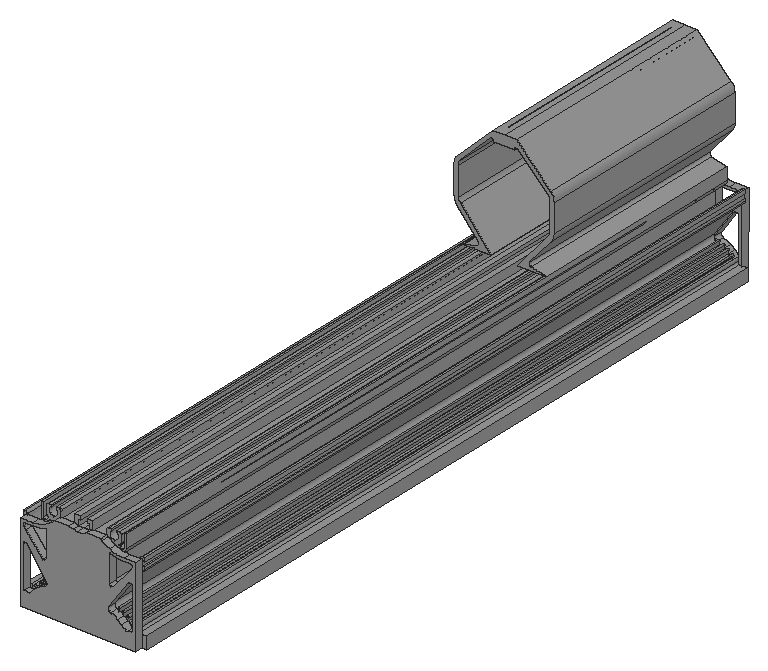
Revit family "L-street 24 Standart", category Осветительные приборы, Revit 2017 (continued)
Types (7, lengths in mm): name | built-in parameter 1150134 | Файл фотометрической сетки | built-in parameter 1150105 | Lumens | built-in parameter 1150106 | built-in parameter 1150142 | Wattage | built-in parameter 1150107 | Артикул
    .00 0.00\r\n1229.747 1251.909 1290.575 1328.381 1364.756 1399.412 1433.208 1466.146 1497.365 1527.438 1559.23 1595.605 1630.26 1660.62 1682.101\r\n 1689.261 1677.518 1660.62 1643.721 1595.891 1491.35 1310.624 993.565 587.719 326.224 239.441 215.669 189.892 150.08 117.429 94.517\r\n 75.04 56.71 41.816 31.506 26.923 25.777 0.00 0.00 0.00 0.00 0.00 0.00 0.00 0.00 0.00 0.00 0.00 0.00 0.00 0.00 0.00 0.00 0.00 0.00 \r\n0.00 0.00 0.00 0.00 0.00 0.00 0.00 0.00 0.00 0.00 0.00 0.00 0.00 0.00 0.00 0.00 0.00 0.00\r\n1229.747 1252.195 1292.293 1331.818 1367.906 1402.848 1436.645 1468.723 1499.656 1530.016 1562.667 1598.755 1631.978 1659.474 \r\n1675.513 1678.95 1662.338 1644.581 1619.376 1549.492 1414.878 1193.196 833.461 458.261 270.373 218.819 198.77 171.275 134.614 \r\n107.691 89.361 75.613 58.428 42.389 30.933 25.777 24.631 0.00 0.00 0.00 0.00 0.00 0.00 0.00 0.00 0.00 0.00 0.00 0.00 0.00 0.00 0.00\r\n 0.00 0.00 0.00 0.00 0.00 0.00 0.00 0.00 0.00 0.00 0.00 0.00 0.00 0.00 0.00 0.00 0.00 0.00 0.00 0.00 0.00\r\n1229.747 1254.487 1295.444 1335.542 1372.203 1406.858 1440.082 1471.301 1501.947 1533.167 1566.677 1602.192 1633.983 1658.329 \r\n1670.644 1670.072 1653.173 1632.265 1589.017 1495.933 1336.688 1084.072 718.609 390.953 249.465 211.086 189.605 159.532 126.595 \r\n103.395 87.356 74.754 58.428 42.676 31.219 25.491 24.631 0.00 0.00 0.00 0.00 0.00 0.00 0.00 0.00 0.00 0.00 0.00 0.00 0.00 0.00 0.00\r\n 0.00 0.00 0.00 0.00 0.00 0.00 0.00 0.00 0.00 0.00 0.00 0.00 0.00 0.00 0.00 0.00 0.00 0.00 0.00 0.00 0.00\r\n1229.747 1256.778 1298.594 1339.265 1376.499 1410.868 1443.519 1473.879 1504.238 1536.317 1570.686 1605.629 1635.988 1657.183 \r\n1665.775 1661.193 1644.008 1619.949 1558.657 1442.373 1258.497 974.949 603.759 323.646 228.557 203.353 180.44 147.789 118.575 \r\n99.099 85.351 73.894 58.428 42.962 31.505 25.204 24.631 0.00 0.00 0.00 0.00 0.00 0.00 0.00 0.00 0.00 0.00 0.00 0.00 0.00 0.00 0.00 \r\n0.00 0.00 0.00 0.00 0.00 0.00 0.00 0.00 0.00 0.00 0.00 0.00 0.00 0.00 0.00 0.00 0.00 0.00 0.00 0.00 0.00\r\n1229.747 1251.05 1293.725 1336.115 1375.353 1410.868 1444.092 1475.025 1505.098 1537.176 1572.691 1607.347 1636.561 1656.324 \r\n1663.484 1657.756 1641.717 1615.653 1546.055 1420.033 1224.70 934.851 579.127 319.064 225.12 198.198 177.003 147.503 121.153 \r\n101.963 88.215 76.472 61.579 47.258 36.088 28.641 27.496 0.00 0.00 0.00 0.00 0.00 0.00 0.00 0.00 0.00 0.00 0.00 0.00 0.00 0.00 0.00\r\n 0.00 0.00 0.00 0.00 0.00 0.00 0.00 0.00 0.00 0.00 0.00 0.00 0.00 0.00 0.00 0.00 0.00 0.00 0.00 0.00 0.00\r\n1229.747 1245.322 1288.856 1332.964 1374.207 1410.868 1444.665 1476.17 1505.957 1538.035 1574.696 1609.065 1637.134 1655.464 \r\n1661.193 1654.319 1639.425 1611.357 1533.453 1397.693 1190.903 894.753 554.495 314.481 221.683 193.042 173.566 147.216 123.73 \r\n104.827 91.079 79.05 64.729 51.554 40.671 32.078 30.36 0.00 0.00 0.00 0.00 0.00 0.00 0.00 0.00 0.00 0.00 0.00 0.00 0.00 0.00 0.00 \r\n0.00 0.00 0.00 0.00 0.00 0.00 0.00 0.00 0.00 0.00 0.00 0.00 0.00 0.00 0.00 0.00 0.00 0.00 0.00 0.00 0.00\r\n1229.747 1246.754 1290.861 1335.542 1376.785 1413.446 1447.529 1479.034 1509.394 1543.477 1580.424 1614.794 1639.425 1652.60 \r\n1655.465 1648.304 1628.542 1567.536 1451.253 1277.40 1031.944 729.493 434.488 275.243 218.246 190.178 166.12 139.77 118.575 102.25 \r\n89.361 76.472 62.724 50.695 40.957 33.51 30.933 0.00 0.00 0.00 0.00 0.00 0.00 0.00 0.00 0.00 0.00 0.00 0.00 0.00 0.00 0.00 0.00 \r\n0.00 0.00 0.00 0.00 0.00 0.00 0.00 0.00 0.00 0.00 0.00 0.00 0.00 0.00 0.00 0.00 0.00 0.00 0.00 0.00\r\n1229.747 1248.186 1292.866 1338.119 1379.363 1416.023 1450.393 1481.898 1512.831 1548.919 1586.152 1620.522 1641.716 1649.736 \r\n1649.736 1642.289 1617.658 1523.715 1369.052 1157.107 872.985 564.233 314.481 236.004 214.809 187.314 158.673 132.323 113.419 \r\n99.672 87.642 73.894 60.719 49.836 41.243 34.942 31.505 0.00 0.00 0.00 0.00 0.00 0.00 0.00 0.00 0.00 0.00 0.00 0.00 0.00 0.00 0.00 \r\n0.00 0.00 0.00 0.00 0.00 0.00 0.00 0.00 0.00 0.00 0.00 0.00 0.00 0.00 0.00 0.00 0.00 0.00 0.00 0.00 0.00\r\n1229.747 1246.754 1292.58 1338.119 1380.222 1417.169 1451.539 1482.471 1513.69 1548.346 1584.148 1616.226 1636.275 1643.722 \r\n1645.154 1640.571 1621.382 1545.482 1408.577 1206.943 925.972 611.205 346.273 241.16 211.945 186.741 159.246 132.609 112.847 98.526\r\n 84.778 70.744 56.996 45.826 37.52 30.933 28.355 0.00 0.00 0.00 0.00 0.00 0.00 0.00 0.00 0.00 0.00 0.00 0.00 0.00 0.00 0.00 0.00 \r\n0.00 0.00 0.00 0.00 0.00 0.00 0.00 0.00 0.00 0.00 0.00 0.00 0.00 0.00 0.00 0.00 0.00 0.00 0.00 0.00\r\n1229.747 1245.322 1292.293 1338.119 1381.081 1418.315 1452.684 1483.044 1514.549 1547.773 1582.143 1611.93 1630.833 1637.707 \r\n1640.571 1638.852 1625.105 1567.249 1448.102 1256.778 978.958 658.176 378.065 246.315 209.081 186.168 159.818 132.895 112.274 97.38\r\n 81.914 67.593 53.273 41.816 33.797 26.923 25.204 0.00 0.00 0.00 0.00 0.00 0.00 0.00 0.00 0.00 0.00 0.00 0.00 0.00 0.00 0.00 0.00 \r\n0.00 0.00 0.00 0.00 0.00 0.00 0.00 0.00 0.00 0.00 0.00 0.00 0.00 0.00 0.00 0.00 0.00 0.00 0.00 0.00\r\n1229.747 1246.754 1294.298 1340.697 1383.945 1421.466 1455.835 1487.054 1518.559 1552.07 1585.866 1612.789 1628.828 1634.557 \r\n1638.28 1640.571 1627.683 1567.249 1444.379 1247.04 962.633 644.715 372.623 247.747 211.945 189.605 162.969 136.619 116.57 100.817 \r\n85.351 70.744 56.424 44.394 36.088 29.501 27.496 0.00 0.00 0.00 0.00 0.00 0.00 0.00 0.00 0.00 0.00 0.00 0.00 0.00 0.00 0.00 0.00 \r\n0.00 0.00 0.00 0.00 0.00 0.00 0.00 0.00 0.00 0.00 0.00 0.00 0.00 0.00 0.00 0.00 0.00 0.00 0.00 0.00\r\n1229.747 1248.186 1296.303 1343.275 1386.809 1424.616 1458.985 1491.064 1522.569 1556.366 1589.589 1613.648 1626.823 1631.406 \r\n1635.988 1642.289 1630.26 1567.249 1440.655 1237.302 946.307 631.253 367.181 249.179 214.809 193.042 166.119 140.342 120.866 \r\n104.254 88.788 73.894 59.574 46.972 38.379 32.078 29.787 0.00 0.00 0.00 0.00 0.00 0.00 0.00 0.00 0.00 0.00 0.00 0.00 0.00 0.00 0.00\r\n 0.00 0.00 0.00 0.00 0.00 0.00 0.00 0.00 0.00 0.00 0.00 0.00 0.00 0.00 0.00 0.00 0.00 0.00 0.00 0.00 0.00\r\n1229.747 1255.06 1304.036 1350.722 1393.683 1430.344 1463.854 1495.647 1526.579 1560.089 1593.026 1616.512 1628.828 1633.411 \r\n1638.566 1646.013 1631.406 1563.526 1428.339 1214.103 913.37 597.457 345.987 244.31 215.096 191.037 162.11 136.333 118.002 102.822 \r\n86.783 71.603 56.996 44.394 35.802 30.646 28.355 0.00 0.00 0.00 0.00 0.00 0.00 0.00 0.00 0.00 0.00 0.00 0.00 0.00 0.00 0.00 0.00 \r\n0.00 0.00 0.00 0.00 0.00 0.00 0.00 0.00 0.00 0.00 0.00 0.00 0.00 0.00 0.00 0.00 0.00 0.00 0.00 0.00\r\n1229.747 1261.934 1311.769 1358.168 1400.557 1436.072 1468.723 1500.229 1530.588 1563.812 1596.463 1619.376 1630.833 1635.415 \r\n1641.144 1649.736 1632.551 1559.803 1416.023 1190.903 880.432 563.66 324.792 239.441 215.382 189.032 158.10 132.323 115.138 101.39 \r\n84.778 69.312 54.418 41.816 33.224 29.214 26.923 0.00 0.00 0.00 0.00 0.00 0.00 0.00 0.00 0.00 0.00 0.00 0.00 0.00 0.00 0.00 0.00 \r\n0.00 0.00 0.00 0.00 0.00 0.00 0.00 0.00 0.00 0.00 0.00 0.00 0.00 0.00 0.00 0.00 0.00 0.00 0.00 0.00\r\n1229.747 1255.06 1304.036 1350.722 1393.683 1430.344 1463.854 1495.647 1526.579 1560.089 1593.026 1616.512 1628.828 1633.411 \r\n1638.566 1646.013 1631.406 1563.526 1428.339 1214.103 913.37 597.457 345.987 244.31 215.096 191.037 162.11 136.333 118.002 102.822 \r\n86.783 71.603 56.996 44.394 35.802 30.646 28.355 0.00 0.00 0.00 0.00 0.00 0.00 0.00 0.00 0.00 0.00 0.00 0.00 0.00 0.00 0.00 0.00 \r\n0.00 0.00 0.00 0.00 0.00 0.00 0.00 0.00 0.00 0.00 0.00 0.00 0.00 0.00 0.00 0.00 0.00 0.00 0.00 0.00\r\n1229.747 1248.186 1296.303 1343.275 1386.809 1424.616 1458.985 1491.064 1522.569 1556.366 1589.589 1613.648 1626.823 1631.406 \r\n1635.988 1642.289 1630.26 1567.249 1440.655 1237.302 946.307 631.253 367.181 249.179 214.809 193.042 166.119 140.342 120.866 \r\n104.254 88.788 73.894 59.574 46.972 38.379 32.078 29.787 0.00 0.00 0.00 0.00 0.00 0.00 0.00 0.00 0.00 0.00 0.00 0.00 0.00 0.00 0.00\r\n 0.00 0.00 0.00 0.00 0.00 0.00 0.00 0.00 0.00 0.00 0.00 0.00 0.00 0.00 0.00 0.00 0.00 0.00 0.00 0.00 0.00\r\n1229.747 1246.754 1294.298 1340.697 1383.945 1421.466 1455.835 1487.054 1518.559 1552.07 1585.866 1612.789 1628.828 1634.557 \r\n1638.28 1640.571 1627.683 1567.249 1444.379 1247.04 962.633 644.715 372.623 247.747 211.945 189.605 162.969 136.619 116.57 100.817 \r\n85.351 70.744 56.424 44.394 36.088 29.501 27.496 0.00 0.00 0.00 0.00 0.00 0.00 0.00 0.00 0.00 0.00 0.00 0.00 0.00 0.00 0.00 0.00 \r\n0.00 0.00 0.00 0.00 0.00 0.00 0.00 0.00 0.00 0.00 0.00 0.00 0.00 0.00 0.00 0.00 0.00 0.00 0.00 0.00\r\n1229.747 1245.322 1292.293 1338.119 1381.081 1418.315 1452.684 1483.044 1514.549 1547.773 1582.143 1611.93 1630.833 1637.707 \r\n1640.571 1638.852 1625.105 1567.249 1448.102 1256.778 978.958 658.176 378.065 246.315 209.081 186.168 159.818 132.895 112.274 97.38\r\n 81.914 67.593 53.273 41.816 33.797 26.923 25.204 0.00 0.00 0.00 0.00 0.00 0.00 0.00 0.00 0.00 0.00 0.00 0.00 0.00 0.00 0.00 0.00 \r\n0.00 0.00 0.00 0.00 0.00 0.00 0.00 0.00 0.00 0.00 0.00 0.00 0.00 0.00 0.00 0.00 0.00 0.00 0.00 0.00\r\n1229.747 1246.754 1292.58 1338.119 1380.222 1417.169 1451.539 1482.471 1513.69 1548.346 1584.148 1616.226 1636.275 1643.722 \r\n1645.154 1640.571 1621.382 1545.482 1408.577 1206.943 925.972 611.205 346.273 241.16 211.945 186.741 159.246 132.609 112.847 98.526\r\n 84.778 70.744 56.996 45.826 37.52 30.933 28.355 0.00 0.00 0.00 0.00 0.00 0.00 0.00 0.00 0.00 0.00 0.00 0.00 0.00 0.00 0.00 0.00 \r\n0.00 0.00 0.00 0.00 0.00 0.00 0.00 0.00 0.00 0.00 0.00 0.00 0.00 0.00 0.00 0.00 0.00 0.00 0.00 0.00\r\n1229.747 1248.186 1292.866 1338.119 1379.363 1416.023 1450.393 1481.898 1512.831 1548.919 1586.152 1620.522 1641.716 1649.736 \r\n1649.736 1642.289 1617.658 1523.715 1369.052 1157.107 872.985 564.233 314.481 236.004 214.809 187.314 158.673 132.323 113.419 \r\n99.672 87.642 73.894 60.719 49.836 41.243 34.942 31.505 0.00 0.00 0.00 0.00 0.00 0.00 0.00 0.00 0.00 0.00 0.00 0.00 0.00 0.00 0.00 \r\n0.00 0.00 0.00 0.00 0.00 0.00 0.00 0.00 0.00 0.00 0.00 0.00 0.00 0.00 0.00 0.00 0.00 0.00 0.00 0.00 0.00\r\n1229.747 1246.754 1290.861 1335.542 1376.785 1413.446 1447.529 1479.034 1509.394 1543.477 1580.424 1614.794 1639.425 1652.60 \r\n1655.465 1648.304 1628.542 1567.536 1451.253 1277.40 1031.944 729.493 434.488 275.243 218.246 190.178 166.12 139.77 118.575 102.25 \r\n89.361 76.472 62.724 50.695 40.957 33.51 30.933 0.00 0.00 0.00 0.00 0.00 0.00 0.00 0.00 0.00 0.00 0.00 0.00 0.00 0.00 0.00 0.00 \r\n0.00 0.00 0.00 0.00 0.00 0.00 0.00 0.00 0.00 0.00 0.00 0.00 0.00 0.00 0.00 0.00 0.00 0.00 0.00 0.00\r\n1229.747 1245.322 1288.856 1332.964 1374.207 1410.868 1444.665 1476.17 1505.957 1538.035 1574.696 1609.065 1637.134 1655.464 \r\n1661.193 1654.319 1639.425 1611.357 1533.453 1397.693 1190.903 894.753 554.495 314.481 221.683 193.042 173.566 147.216 123.73 \r\n104.827 91.079 79.05 64.729 51.554 40.671 32.078 30.36 0.00 0.00 0.00 0.00 0.00 0.00 0.00 0.00 0.00 0.00 0.00 0.00 0.00 0.00 0.00 \r\n0.00 0.00 0.00 0.00 0.00 0.00 0.00 0.00 0.00 0.00 0.00 0.00 0.00 0.00 0.00 0.00 0.00 0.00 0.00 0.00 0.00\r\n1229.747 1251.05 1293.725 1336.115 1375.353 1410.868 1444.092 1475.025 1505.098 1537.176 1572.691 1607.347 1636.561 1656.324 \r\n1663.484 1657.756 1641.717 1615.653 1546.055 1420.033 1224.70 934.851 579.127 319.064 225.12 198.198 177.003 147.503 121.153 \r\n101.963 88.215 76.472 61.579 47.258 36.088 28.641 27.496 0.00 0.00 0.00 0.00 0.00 0.00 0.00 0.00 0.00 0.00 0.00 0.00 0.00 0.00 0.00\r\n 0.00 0.00 0.00 0.00 0.00 0.00 0.00 0.00 0.00 0.00 0.00 0.00 0.00 0.00 0.00 0.00 0.00 0.00 0.00 0.00 0.00\r\n1229.747 1256.778 1298.594 1339.265 1376.499 1410.868 1443.519 1473.879 1504.238 1536.317 1570.686 1605.629 1635.988 1657.183 \r\n1665.775 1661.193 1644.008 1619.949 1558.657 1442.373 1258.497 974.948 603.758 323.646 228.557 203.353 180.44 147.789 118.575 \r\n99.099 85.351 73.894 58.428 42.962 31.505 25.204 24.631 0.00 0.00 0.00 0.00 0.00 0.00 0.00 0.00 0.00 0.00 0.00 0.00 0.00 0.00 0.00 \r\n0.00 0.00 0.00 0.00 0.00 0.00 0.00 0.00 0.00 0.00 0.00 0.00 0.00 0.00 0.00 0.00 0.00 0.00 0.00 0.00 0.00\r\n1229.747 1254.487 1295.444 1335.542 1372.203 1406.858 1440.082 1471.301 1501.947 1533.167 1566.677 1602.192 1633.983 1658.329 \r\n1670.644 1670.072 1653.173 1632.265 1589.017 1495.933 1336.688 1084.072 718.609 390.953 249.465 211.086 189.605 159.532 126.595 \r\n103.395 87.356 74.754 58.428 42.676 31.219 25.491 24.631 0.00 0.00 0.00 0.00 0.00 0.00 0.00 0.00 0.00 0.00 0.00 0.00 0.00 0.00 0.00\r\n 0.00 0.00 0.00 0.00 0.00 0.00 0.00 0.00 0.00 0.00 0.00 0.00 0.00 0.00 0.00 0.00 0.00 0.00 0.00 0.00 0.00\r\n1229.747 1252.195 1292.293 1331.818 1367.906 1402.848 1436.645 1468.723 1499.656 1530.016 1562.667 1598.755 1631.978 1659.474 \r\n1675.513 1678.95 1662.338 1644.581 1619.376 1549.492 1414.878 1193.195 833.46 458.26 270.373 218.819 198.77 171.275 134.614 107.691\r\n 89.361 75.613 58.428 42.389 30.933 25.777 24.631 0.00 0.00 0.00 0.00 0.00 0.00 0.00 0.00 0.00 0.00 0.00 0.00 0.00 0.00 0.00 0.00 \r\n0.00 0.00 0.00 0.00 0.00 0.00 0.00 0.00 0.00 0.00 0.00 0.00 0.00 0.00 0.00 0.00 0.00 0.00 0.00 0.00\r\n1229.747 1251.909 1290.575 1328.381 1364.756 1399.412 1433.208 1466.146 1497.365 1527.438 1559.23 1595.605 1630.26 1660.62 1682.101\r\n 1689.261 1677.518 1660.62 1643.721 1595.891 1491.35 1310.624 993.565 587.719 326.224 239.441 215.669 189.892 150.08 117.429 94.517\r\n 75.04 56.71 41.816 31.506 26.923 25.777 0.00 0.00 0.00 0.00 0.00 0.00 0.00 0.00 0.00 0.00 0.00 0.00 0.00 0.00 0.00 0.00 0.00 0.00 \r\n0.00 0.00 0.00 0.00 0.00 0.00 0.00 0.00 0.00 0.00 0.00 0.00 0.00 0.00 0.00 0.00 0.00 0.00\r\n1229.747 1251.623 1288.856 1324.944 1361.605 1395.975 1429.771 1463.568 1495.073 1524.86 1555.793 1592.454 1628.542 1661.765 \r\n1688.688 1699.572 1692.698 1676.659 1668.066 1642.289 1567.822 1428.053 1153.67 717.177 382.074 260.063 232.567 208.508 165.546 \r\n127.167 99.672 74.467 54.991 41.243 32.078 28.068 26.923 0.00 0.00 0.00 0.00 0.00 0.00 0.00 0.00 0.00 0.00 0.00 0.00 0.00 0.00 0.00\r\n 0.00 0.00 0.00 0.00 0.00 0.00 0.00 0.00 0.00 0.00 0.00 0.00 0.00 0.00 0.00 0.00 0.00 0.00 0.00 0.00 0.00\r\n1229.747 1253.628 1289.429 1324.658 1360.746 1394.829 1429.485 1463.568 1494.501 1523.428 1553.788 1588.731 1625.105 1659.474 \r\n1689.548 1707.878 1710.169 1696.994 1686.11 1671.217 1626.537 1528.298 1323.226 933.705 519.266 313.049 257.199 229.703 184.163 \r\n140.056 101.963 71.603 52.414 40.098 32.651 28.928 26.923 0.00 0.00 0.00 0.00 0.00 0.00 0.00 0.00 0.00 0.00 0.00 0.00 0.00 0.00 \r\n0.00 0.00 0.00 0.00 0.00 0.00 0.00 0.00 0.00 0.00 0.00 0.00 0.00 0.00 0.00 0.00 0.00 0.00 0.00 0.00 0.00 0.00\r\n1229.747 1255.632 1290.002 1324.371 1359.887 1393.683 1429.198 1463.568 1493.928 1521.996 1551.783 1585.007 1621.668 1657.183 \r\n1690.407 1716.184 1727.64 1717.329 1704.154 1700.145 1685.251 1628.542 1492.781 1150.232 656.457 366.035 281.83 250.897 202.78 \r\n152.944 104.254 68.739 49.836 38.952 33.224 29.787 26.923 0.00 0.00 0.00 0.00 0.00 0.00 0.00 0.00 0.00 0.00 0.00 0.00 0.00 0.00 \r\n0.00 0.00 0.00 0.00 0.00 0.00 0.00 0.00 0.00 0.00 0.00 0.00 0.00 0.00 0.00 0.00 0.00 0.00 0.00 0.00 0.00 0.00\r\n1229.747 1256.778 1289.429 1322.367 1356.737 1390.246 1425.475 1459.272 1490.491 1518.559 1547.487 1579.565 1614.794 1651.168 \r\n1685.538 1718.475 1740.243 1739.097 1724.776 1719.621 1717.902 1693.271 1613.935 1381.654 921.389 512.392 344.268 284.408 228.844 \r\n168.697 107.978 67.307 48.977 39.525 34.083 30.646 27.21 0.00 0.00 0.00 0.00 0.00 0.00 0.00 0.00 0.00 0.00 0.00 0.00 0.00 0.00 0.00\r\n 0.00 0.00 0.00 0.00 0.00 0.00 0.00 0.00 0.00 0.00 0.00 0.00 0.00 0.00 0.00 0.00 0.00 0.00 0.00 0.00 0.00\r\n1229.747 1257.924 1288.856 1320.362 1353.586 1386.809 1421.752 1454.976 1487.054 1515.122 1543.191 1574.123 1607.92 1645.153 \r\n1680.669 1720.766 1752.845 1760.864 1745.398 1739.097 1750.553 1758.00 1735.087 1613.074 1186.32 658.749 406.706 317.918 254.907 \r\n184.45 111.701 65.875 48.117 40.098 34.942 31.505 27.496 0.00 0.00 0.00 0.00 0.00 0.00 0.00 0.00 0.00 0.00 0.00 0.00 0.00 0.00 0.00\r\n 0.00 0.00 0.00 0.00 0.00 0.00 0.00 0.00 0.00 0.00 0.00 0.00 0.00 0.00 0.00 0.00 0.00 0.00 0.00 0.00 0.00\r\n1229.747 1257.638 1287.138 1317.784 1350.435 1383.945 1418.602 1451.825 1483.044 1511.399 1539.754 1569.541 1600.473 1634.556 \r\n1668.926 1708.164 1747.117 1770.316 1768.025 1760
